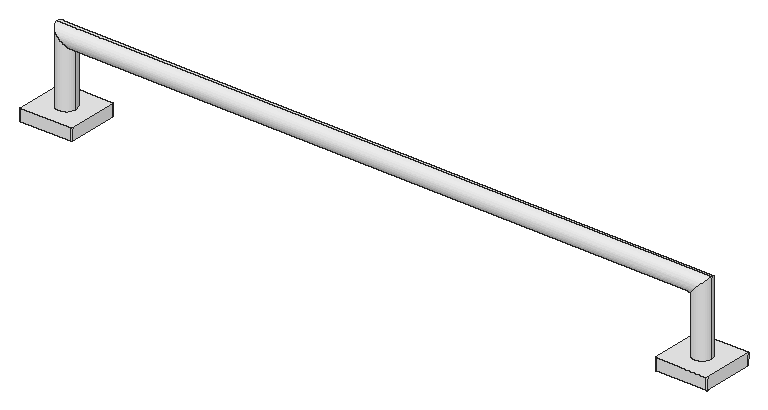
Revit family "Incepa_Acessorios_Neoclassic_Toalheiro Barra 600mm_B8005I2CR0", category Plumbing Fixtures, host Face, Revit 2014
Parameters (values of type "Porta toalha")
  Waste Connection = no
  WFU = 0
  Vent Connection = no
  URL = "http://www.incepa.com.br"
  Type Comments = ""
  Selo de Qualidade ofcdesk = "Standard"
  Model = "B8005I2CR0"
  Metais [instance] = Celite - Cromado
  Manufacturer = "Incepa"
  Keynote = ""
  Incepa: Versão = "Autodesk Revit MEP 2014"
  Incepa: Tipo = "Porta toalhas"
  Incepa: Produto = "Metais"
  Incepa: Norma [instance] = "ABNT NBR 10282: 2003"
  Incepa: Linha = "Neoclassic"
  Incepa: Informações Técnicas = "N/A"
  Incepa: Informações Gerais = "N/A"
  Incepa: Fabricante = "Incepa"
  Incepa: Descrição = "Porta toalha Neoclassic (B8005I2CR0), Acessórios - Metais Incepa"
  Incepa: Código = "B8005I2CR0"
  Incepa: Cores Disponíveis = "Cromado"
  Incepa: Copyright © = "© 2014 Incepa"
  Incepa: Categoria = "Acessórios"
  Incepa: Altura da Peça [instance] = 0 mm
  HWFU = 0
  HW Connection = no
  Desenvolvido por = "ofcdesk"
  Description = "Porta toalha Neoclassic (B8005I2CR0), Acessórios - Metais Incepa"
  Default Elevation = 1400 mm
  Cost = 0
  CWFU = 0
  CW Connection = no
  Assembly Code = "D2010"
Reference planes
  plane 1 "Center (Front/Back)": y = 0
  plane 2: z = 0
  plane 3 "Center (Left/Right)": x = 0
Forms (mm)
  Sweep 1, solid, material "Celite - Cromado" <- "Metais"
    path origin (0, 0, 0) x (1, 0, 0) y (0, 0, 1)
      loop
        line (-275, 0) -> (-275, 65) -> (275, 65) -> (275, 0)
    profile origin (-275, 0, 32.5) x (-1, 0, 0) y (0, -1, 0)
      loop
        circle (0, 0) r 8
  Extrusion 2, solid, material "Celite - Cromado" <- "Metais"
    sketch origin (0, 0, 0) x (1, 0, 0) y (0, 1, 0)
      loop
        arc (-252.5, 21.5) -> (-252.793, 22.207) -> (-253.5, 22.5) r 1
        line (-253.5, 22.5) -> (-296.5, 22.5)
        arc (-296.5, 22.5) -> (-297.207, 22.207) -> (-297.5, 21.5) r 1
        line (-297.5, 21.5) -> (-297.5, -21.5)
        arc (-297.5, -21.5) -> (-297.207, -22.207) -> (-296.5, -22.5) r 1
        line (-296.5, -22.5) -> (-253.5, -22.5)
        arc (-253.5, -22.5) -> (-252.793, -22.207) -> (-252.5, -21.5) r 1
        line (-252.5, -21.5) -> (-252.5, 21.5)
    from 0 to 10
  Extrusion 3, solid, material "Celite - Cromado" <- "Metais"
    sketch origin (0, 0, 0) x (-1, 0, 0) y (0, -1, 0)
      loop
        line (-252.5, -21.5) -> (-252.5, 21.5)
        arc (-252.5, 21.5) -> (-252.793, 22.207) -> (-253.5, 22.5) r 1
        line (-253.5, 22.5) -> (-296.5, 22.5)
        arc (-296.5, 22.5) -> (-297.207, 22.207) -> (-297.5, 21.5) r 1
        line (-297.5, 21.5) -> (-297.5, -21.5)
        arc (-297.5, -21.5) -> (-297.207, -22.207) -> (-296.5, -22.5) r 1
        line (-296.5, -22.5) -> (-253.5, -22.5)
        arc (-253.5, -22.5) -> (-252.793, -22.207) -> (-252.5, -21.5) r 1
    from 0 to 10
Cuts and joins
  joined: Sweep 1, Extrusion 2, Extrusion 3
Dimensions and locks
  aligned and locked: plane 2 to host face
  aligned and locked: level to host face
